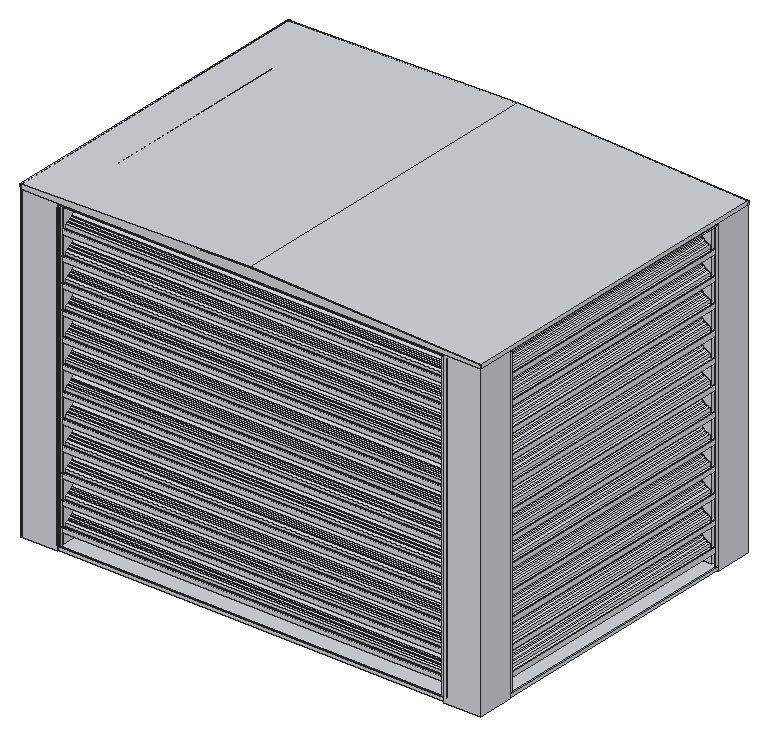
Revit family "PFL-D-6.1", category Mechanical Equipment, Revit 2015
Parameters
  URL = "https://unitedenertech.com/catalog/pdf/B_3%20PFL-D-6.1.pdf"
  Type Comments = "Louvers will split to Multi Section Assemblies if Max. Sizes are Exceeded. See FL-D-6.1 Submittal for Max. Size Listings."
  Model = "PFL-D-6.1"
  Manufacturer = "United Enertech Corporation"
  Louver Height [instance] = Height  # 5' - 0"
  Louver B Width [instance] = B + 0' 3"  # 4' - 3"
  Louver A Width [instance] = A + 0' 3"  # 6' - 3"
  Keynote = "Max. Preassembled Size is 72\"w x 220\"l x 80\"h"
  Height = 5' - 0"
  Description = "6\" Deep Drainable Louvered Penthouse"
  B Roof [instance] = B Side O.D. + 0' 0 1/4"  # 5' - 3 101/128"
  B Side O.D. [instance] = Louver B Width + 1' 0 69/128"  # 5' - 3 69/128"
  B = 4' - 0"
  A Roof [instance] = A Side O.D. + 0' 0 1/4"  # 7' - 3 101/128"
  A Side O.D. [instance] = Louver A Width + 1' 0 69/128"  # 7' - 3 69/128"
  A = 6' - 0"
Reference planes (in)
  plane 1 "Center (Front/Back)": y = 0
  plane 2: z = 0
  plane 3 "Center (Left/Right)": x = 0
  plane 4: x = -43.76953
  plane 5: y = 31.76953
  plane 6: x = 43.76953
  plane 7: y = -31.76953
  plane 8: z = 18
  plane 9: z = 78.22
  plane 10: z = 18.22
  plane 11: y = 24
  plane 12: y = -24
  plane 13: x = -36
  plane 14: x = 36
  plane 15: y = 25.5
  plane 16: x = -37.5
  plane 17: y = -25.5
  plane 18: x = 37.5
Forms (in)
  Extrusion 1, solid
    sketch origin (-39.9625, -19.9659, 0) x (-1, 0, 0) y (0, -1, 0)
      loop
        line (-83.82203, 4.97273) -> (-83.73203, 4.97273) -> (-83.73203, 11.80363) -> (-76.90113, 11.80363) -> (-76.90113, 11.89363) -> (-83.82203, 11.89363) -> (-83.82203, 4.97273)
    from 18.22 to 78.22
  Extrusion 2, solid
    sketch origin (39.9625, -19.9659, 0) x (1, 0, 0) y (0, 1, 0)
      loop
        line (-83.82203, -4.97273) -> (-83.82203, -11.89363) -> (-76.90113, -11.89363) -> (-76.90113, -11.80363) -> (-83.73203, -11.80363) -> (-83.73203, -4.97273) -> (-83.82203, -4.97273)
    from 18.22 to 78.22
  Extrusion 3, solid
    sketch origin (-39.9625, 19.9659, 0) x (-1, 0, 0) y (0, -1, 0)
      loop
        line (-83.82203, -4.97273) -> (-83.82203, -11.89363) -> (-76.90113, -11.89363) -> (-76.90113, -11.80363) -> (-83.73203, -11.80363) -> (-83.73203, -4.97273) -> (-83.82203, -4.97273)
    from 18.22 to 78.22
  Extrusion 4, solid
    sketch origin (39.9625, 19.9659, 0) x (1, 0, 0) y (0, 1, 0)
      loop
        line (-83.82203, 4.97273) -> (-83.73203, 4.97273) -> (-83.73203, 11.80363) -> (-76.90113, 11.80363) -> (-76.90113, 11.89363) -> (-83.82203, 11.89363) -> (-83.82203, 4.97273)
    from 18.22 to 78.22
Dimensions and locks (in)
  equal spacing: plane 4, plane 3 "Center (Left/Right)", plane 6
  "A Side O.D.": plane 4 to plane 6
  equal spacing: plane 5, plane 1 "Center (Front/Back)", plane 7
  "B Side O.D.": plane 5 to plane 7
  locked: plane 8 to plane 10 at 0.22
  "Height": plane 10 to plane 9
  equal spacing: plane 12, plane 1 "Center (Front/Back)", plane 11
  "B": plane 12 to plane 11
  equal spacing: plane 13, plane 3 "Center (Left/Right)", plane 14
  "A": plane 13 to plane 14
  locked: plane 15 to plane 11 at 1.5
  locked: plane 17 to plane 12 at 1.5
  locked: plane 16 to plane 13 at 1.5
  locked: plane 14 to plane 18 at 1.5
  aligned and locked: level to plane 2
  aligned and locked: plane 10 to Extrusion 1
  aligned and locked: plane 9 to Extrusion 1
  aligned and locked: plane 1 "Center (Front/Back)" to nested 1
  aligned and locked: plane 3 "Center (Left/Right)" to nested 1
  aligned and locked: plane 9 to nested 1
  aligned and locked: plane 3 "Center (Left/Right)" to nested 3
  aligned and locked: plane 11 to nested 3
  aligned and locked: nested 4 to plane 12
  aligned and locked: plane 1 "Center (Front/Back)" to nested 2
  aligned and locked: plane 14 to nested 2
  aligned and locked: nested 5 to plane 13
  aligned and locked: nested 4 to plane 8
  aligned and locked: nested 5 to plane 8
  aligned and locked: plane 8 to nested 3
  aligned and locked: plane 8 to nested 2
  aligned and locked: nested 6 to plane 1 "Center (Front/Back)"
  aligned and locked: plane 18 to nested 6
  aligned and locked: plane 10 to nested 6
  aligned and locked: plane 1 "Center (Front/Back)" to nested 8
  aligned and locked: nested 8 to plane 16
  aligned and locked: nested 8 to plane 10
  aligned and locked: plane 3 "Center (Left/Right)" to nested 7
  aligned and locked: plane 10 to nested 7
  aligned and locked: plane 17 to nested 7
  aligned and locked: nested 9 to plane 3 "Center (Left/Right)"
  aligned and locked: nested 9 to plane 15
  aligned and locked: nested 9 to plane 10
  aligned and locked: plane 9 to Extrusion 2
  aligned and locked: plane 9 to Extrusion 4
  aligned and locked: plane 9 to Extrusion 3
Automatic sketch dimensions
  Extrusion 1 sketch curve to plane 6 = 0' - 0"
  Extrusion 1 sketch curve to plane 7 = 0' - 0"
  Extrusion 1 sketch curve to Extrusion 1 sketch curve = 0' - 0.09"
  plane 18 to Extrusion 1 sketch curve = 0' - 0.56137"
  plane 17 to Extrusion 1 sketch curve = 0' - 0.56137"
  Extrusion 1 sketch curve to plane 7 = 0' - 0.09"
  Extrusion 2 sketch curve to plane 4 = 0' - 0"
  Extrusion 2 sketch curve to plane 7 = 0' - 0"
  Extrusion 2 sketch curve to Extrusion 2 sketch curve = 0' - 0.09"
  Extrusion 2 sketch curve to plane 16 = 0' - 0.56137"
  Extrusion 2 sketch curve to plane 17 = 0' - 0.56137"
  plane 7 to Extrusion 2 sketch curve = 0' - 0.09"
  Extrusion 3 sketch curve to plane 5 = 0' - 0"
  Extrusion 3 sketch curve to plane 6 = 0' - 0"
  Extrusion 3 sketch curve to Extrusion 3 sketch curve = 0' - 0.09"
  Extrusion 3 sketch curve to plane 18 = 0' - 0.56137"
  Extrusion 3 sketch curve to plane 15 = 0' - 0.56137"
  Extrusion 3 sketch curve to plane 5 = 0' - 0.09"
  Extrusion 4 sketch curve to plane 4 = 0' - 0"
  Extrusion 4 sketch curve to plane 5 = 0' - 0"
  Extrusion 4 sketch curve to Extrusion 4 sketch curve = 0' - 0.09"
  plane 16 to Extrusion 4 sketch curve = 0' - 0.56137"
  plane 15 to Extrusion 4 sketch curve = 0' - 0.56137"
  plane 5 to Extrusion 4 sketch curve = 0' - 0.09"
Nested families (in)
  nested 1: "Roof" at (0, 0, 77.72), type "Roof"
    with B 5' - 3 101/128", A 7' - 3 101/128"
  nested 2: "Curb Cap Side 2" at (40.875, 0, -0.21007) x (0, -1, 0) z (0, 0, 1), type "Curb Cap Side 2"
    with Width 4' - 0"
  nested 3: "Curb Cap" at (0, 28.875, -0.21007), type "Curb Cap"
    with Width 6' - 0"
  nested 4: "Curb Cap" at (0, -28.875, -0.21007), type "Curb Cap"
    with Width 6' - 0"
  nested 5: "Curb Cap Side 2" at (-40.875, 0, -0.21007) x (0, -1, 0) z (0, 0, 1), type "Curb Cap Side 2"
    with Width 4' - 0"
  nested 6: "FL-D-6.1" at (43.76867, 0, 18.22) x (0, 1, 0) z (0, 0, 1), type "FL-D-6.1"
    with Number of Blades 12, Blade Width 4' - 1 3/16", Exact Width 4' - 3", Exact Height 5' - 0"
  nested 7: "FL-D-6.1 Side 2" at (0, -31.76867, 18.22), type "FL-D-6.1 Side 2"
    with Number of Blades 12, Blade Width 6' - 1 3/16", Exact Width 6' - 3", Exact Height 5' - 0"
  nested 8: "FL-D-6.1" at (-43.76867, 0, 18.22) x (0, 1, 0) z (0, 0, 1), type "FL-D-6.1"
    with Number of Blades 12, Blade Width 4' - 1 3/16", Exact Width 4' - 3", Exact Height 5' - 0"
  nested 9: "FL-D-6.1 Side 2" at (0, 31.76867, 18.22), type "FL-D-6.1 Side 2"
    with Number of Blades 12, Blade Width 6' - 1 3/16", Exact Width 6' - 3", Exact Height 5' - 0"
Definition of nested family "Roof"
  Parameters (values of type "Roof")
    B = 6' - 0"
    A = 7' - 0"
  Reference planes (in)
    plane 1 "Center (Front/Back)": y = 0
    plane 2: z = 0
    plane 3 "Center (Left/Right)": x = 0
    plane 4: x = -42
    plane 5: x = 42
    plane 6: y = -36
    plane 7: y = 36
    plane 8: z = 0.5
    plane 9: z = 2
    plane 10: y = -36.05
    plane 11: y = 36.05
    plane 12: x = -42.05
    plane 13: x = 42.05
  Forms (in)
    Extrusion 1, solid
      sketch origin (0, 0, 0) x (-1, 0, 0) y (0, 0, -1)
        loop
          line (42, 0) -> (42, -0.75115) -> (0, -1.94916) -> (-42, -0.75115) -> (-42, 0) -> (-42.05078, 0) -> (-42.05078, -0.79946) -> (0, -2) -> (42.05078, -0.79946) -> (42.05078, 0) -> (42, 0)
      from -36.05 to 36.05
    Extrusion 2, solid
      sketch origin (0, 0, 0) x (1, 0, 0) y (0, 0, 1)
        loop
          line (42, 0) -> (42.05078, 0) -> (42.05078, 0.79946) -> (0, 2) -> (-42.05078, 0.79946) -> (-42.05078, 0) -> (-42, 0) -> (42, 0)
      from -36.05 to -36
    Extrusion 3, solid
      sketch origin (0, 0, 0) x (1, 0, 0) y (0, 0, -1)
        loop
          line (42, 0) -> (-42, 0) -> (-42.05078, 0) -> (-42.05078, -0.79946) -> (0, -2) -> (42.05078, -0.79946) -> (42.05078, 0) -> (42, 0)
      from -36 to -36.05
  Dimensions and locks (in)
    equal spacing: plane 4, plane 3 "Center (Left/Right)", plane 5
    "A": plane 4 to plane 5
    equal spacing: plane 7, plane 1 "Center (Front/Back)", plane 6
    "B": plane 7 to plane 6
    locked: plane 8 to level at 0.5
    locked: plane 9 to plane 8 at 1.5
    locked: plane 10 to plane 6 at 0.05
    locked: plane 11 to plane 7 at 0.05
    locked: plane 12 to plane 4 at 0.05
    locked: plane 5 to plane 13 at 0.05
    aligned and locked: level to plane 2
    aligned and locked: plane 10 to Extrusion 1
    aligned and locked: Extrusion 1 to plane 11
    aligned and locked: Extrusion 2 to plane 11
    aligned and locked: Extrusion 2 to plane 7
    aligned and locked: plane 10 to Extrusion 3
    aligned and locked: plane 6 to Extrusion 3
  Automatic sketch dimensions
    Extrusion 1 sketch curve to level = 0' - 0"  (x2)
    Extrusion 1 sketch curve to plane 5 = 0' - 0"
    Extrusion 1 sketch curve to plane 3 "Center (Left/Right)" = 0' - 0"  (x2)
    Extrusion 1 sketch curve to plane 4 = 0' - 0"
    Extrusion 1 sketch curve to plane 9 = 0' - 0"
    Extrusion 1 sketch curve to plane 13 = 0' - 0.00078"
    Extrusion 1 sketch curve to plane 12 = 0' - 0.00078"
    Extrusion 1 sketch curve to Extrusion 1 sketch curve = 0' - 0.05084"
    plane 8 to Extrusion 1 sketch curve = 0' - 0.29946"  (x2)
    Extrusion 1 sketch curve to Extrusion 1 sketch curve = 0' - 0.04831"  (x2)
    Extrusion 2 sketch curve to level = 0' - 0"
    Extrusion 2 sketch curve to plane 4 = 0' - 0"
    Extrusion 2 sketch curve to plane 3 "Center (Left/Right)" = 0' - 0"
    Extrusion 2 sketch curve to plane 5 = 0' - 0"
    Extrusion 2 sketch curve to plane 9 = 0' - 0"
    Extrusion 2 sketch curve to plane 12 = 0' - 0.00078"
    Extrusion 2 sketch curve to plane 13 = 0' - 0.00078"
    plane 8 to Extrusion 2 sketch curve = 0' - 0.29946"  (x2)
    Extrusion 3 sketch curve to level = 0' - 0"
    Extrusion 3 sketch curve to plane 4 = 0' - 0"
    Extrusion 3 sketch curve to plane 3 "Center (Left/Right)" = 0' - 0"
    Extrusion 3 sketch curve to plane 5 = 0' - 0"
    Extrusion 3 sketch curve to plane 9 = 0' - 0"
    Extrusion 3 sketch curve to plane 12 = 0' - 0.00078"
    Extrusion 3 sketch curve to plane 13 = 0' - 0.00078"
    plane 8 to Extrusion 3 sketch curve = 0' - 0.29946"  (x2)
Definition of nested family "Curb Cap Side 2"
  Parameters (values of type "Curb Cap Side 2")
    Width = 5' - 0"
    C = 1' - 6"
  Reference planes (in)
    plane 1 "Center (Front/Back)": y = 0
    plane 2: z = 0
    plane 3 "Center (Left/Right)": x = 0
    plane 4: x = -30
    plane 5: x = 30
    plane 6: x = 33
    plane 7: x = -33
  Forms (in)
    Extrusion 1, solid
      sketch origin (0, -0.3745, -0.23056) x (0, 1, 0) y (0, 0, 1)
        loop
          line (-4.5005, 18.44062) -> (-4.5005, 21.44062) -> (-4.6051, 21.44062) -> (-4.6051, 18.33516) -> (-2.35597, 18.33516) -> (-2.35597, 16.33516) -> (-2.2505, 16.33516) -> (-2.2505, 18.44062) -> (-4.5005, 18.44062)
      from -33 to 33
    Extrusion 2, void
      sketch origin (0, -4.875, 0) x (1, 0, 0) y (0, 1, 0)
        loop
          line (-33, 3) -> (-33, -10.08148) -> (-19.91852, -10.08148) -> (-33, 3)
      from 0 to 87.42667
    Extrusion 3, void
      sketch origin (0, -4.875, 0) x (-1, 0, 0) y (0, -1, 0)
        loop
          line (-33, -3) -> (-19.91852, 10.08148) -> (-33, 10.08148) -> (-33, -3)
      from 0 to 87.42667
  Cuts and joins
    Extrusion 2, Extrusion 3 cuts Extrusion 1
  Dimensions and locks (in)
    equal spacing: plane 4, plane 3 "Center (Left/Right)", plane 5
    "Width": plane 4 to plane 5
    locked: plane 5 to plane 6 at 3
    locked: plane 7 to plane 4 at 3
    angle Extrusion 2 sketch curve to Extrusion 2 sketch curve = 45.00°
    angle Extrusion 3 sketch curve to Extrusion 3 sketch curve = 45.00°
    aligned and locked: level to plane 2
    aligned and locked: plane 7 to Extrusion 2 sketch curve
    aligned and locked: Extrusion 3 sketch curve to plane 6
    aligned and locked: cut or joined group of Extrusion 1, Extrusion 2, Extrusion 3 to plane 7
    aligned and locked: cut or joined group of Extrusion 1, Extrusion 2, Extrusion 3 to plane 6
  Automatic sketch dimensions
    plane 4 to Extrusion 2 sketch curve = 0' - 10.08148"
    plane 1 "Center (Front/Back)" to Extrusion 2 sketch curve = 1' - 2.95648"
    plane 5 to Extrusion 3 sketch curve = 0' - 10.08148"
    Extrusion 3 sketch curve to plane 1 "Center (Front/Back)" = 1' - 2.95648"
    plane 1 "Center (Front/Back)" to Extrusion 1 sketch curve = 0' - 4.9796"
    Extrusion 1 sketch curve to Extrusion 1 sketch curve = 0' - 0.1046"
    Extrusion 1 sketch curve to Extrusion 1 sketch curve = 0' - 2 37/256"
    Extrusion 1 sketch curve to Extrusion 1 sketch curve = 0' - 0 27/256"  (x2)
    level to Extrusion 1 sketch curve = 1' - 6.1046"
    Extrusion 1 sketch curve to Extrusion 1 sketch curve = 0' - 3"
    Extrusion 1 sketch curve to Extrusion 1 sketch curve = 0' - 2"
Definition of nested family "Curb Cap"
  Parameters (values of type "Curb Cap")
    Width = 5' - 0"
    C = 1' - 6"
  Reference planes (in)
    plane 1 "Center (Front/Back)": y = 0
    plane 2: z = 0
    plane 3 "Center (Left/Right)": x = 0
    plane 4: x = -30
    plane 5: x = 30
    plane 6: x = 33
    plane 7: x = -33
  Forms (in)
    Extrusion 1, solid
      sketch origin (0, -0.3745, -0.23056) x (0, 1, 0) y (0, 0, 1)
        loop
          line (-4.5005, 18.44062) -> (-4.5005, 21.44062) -> (-4.6051, 21.44062) -> (-4.6051, 18.33516) -> (-2.35597, 18.33516) -> (-2.35597, 16.33516) -> (-2.2505, 16.33516) -> (-2.2505, 18.44062) -> (-4.5005, 18.44062)
      from -33 to 33
    Extrusion 2, void
      sketch origin (0, -4.875, 0) x (1, 0, 0) y (0, 1, 0)
        loop
          line (-33, 3) -> (-33, -10.08148) -> (-19.91852, -10.08148) -> (-33, 3)
      from 0 to 87.42667
    Extrusion 3, void
      sketch origin (0, -4.875, 0) x (-1, 0, 0) y (0, -1, 0)
        loop
          line (-33, -3) -> (-19.91852, 10.08148) -> (-33, 10.08148) -> (-33, -3)
      from 0 to 87.42667
  Cuts and joins
    Extrusion 2, Extrusion 3 cuts Extrusion 1
  Dimensions and locks (in)
    equal spacing: plane 4, plane 3 "Center (Left/Right)", plane 5
    "Width": plane 4 to plane 5
    locked: plane 5 to plane 6 at 3
    locked: plane 7 to plane 4 at 3
    angle Extrusion 2 sketch curve to Extrusion 2 sketch curve = 45.00°
    angle Extrusion 3 sketch curve to Extrusion 3 sketch curve = 45.00°
    aligned and locked: level to plane 2
    aligned and locked: plane 7 to Extrusion 2 sketch curve
    aligned and locked: Extrusion 3 sketch curve to plane 6
    aligned and locked: cut or joined group of Extrusion 1, Extrusion 2, Extrusion 3 to plane 7
    aligned and locked: cut or joined group of Extrusion 1, Extrusion 2, Extrusion 3 to plane 6
  Automatic sketch dimensions
    plane 4 to Extrusion 2 sketch curve = 0' - 10.08148"
    plane 1 "Center (Front/Back)" to Extrusion 2 sketch curve = 1' - 2.95648"
    plane 5 to Extrusion 3 sketch curve = 0' - 10.08148"
    Extrusion 3 sketch curve to plane 1 "Center (Front/Back)" = 1' - 2.95648"
    plane 1 "Center (Front/Back)" to Extrusion 1 sketch curve = 0' - 4.9796"
    Extrusion 1 sketch curve to Extrusion 1 sketch curve = 0' - 0.1046"
    Extrusion 1 sketch curve to Extrusion 1 sketch curve = 0' - 2 37/256"
    Extrusion 1 sketch curve to Extrusion 1 sketch curve = 0' - 0 27/256"  (x2)
    level to Extrusion 1 sketch curve = 1' - 6.1046"
    Extrusion 1 sketch curve to Extrusion 1 sketch curve = 0' - 3"
    Extrusion 1 sketch curve to Extrusion 1 sketch curve = 0' - 2"
Definition of nested family "FL-D-6.1"
  Parameters (values of type "FL-D-6.1")
    URL = "http://unitedenertech.com/catalog/pdf/A_3%20FL-D-6.1.pdf"
    Type Comments = "Max. Single Section Size is (120\"w  x  84\"h) or (84\"h  x  120\"w)"
    Number of Blades [instance] = rounddown((Exact Height - 0' 1 13/16") / 0' 4 41/64")  # 7
    Model = "FL-D-6.1"
    Manufacturer = "United Enertech Corporation"
    Exact Width = 3' - 0"
    Exact Height = 3' - 0"
    Description = "High Performance 6\" Fixed Louver"
    Depth = 0' - 6.26867"
    Blade Width [instance] = Exact Width - 0' 1 13/16"  # 2' - 10 3/16"
    Blade Spacing = 0' - 4.64"
  Reference planes (in)
    plane 1 "Center (Front/Back)": y = 0
    plane 2: z = 0
    plane 3 "Center (Left/Right)": x = 0
    plane 4: x = -18
    plane 5: x = 18
    plane 6: z = 36
    plane 7: z = 0.907
    plane 8: z = 35.093
    plane 9: y = 6.26867
    plane 10: x = -17.094
    plane 11: x = 17.094
  Forms (in)
    Extrusion 1, solid
      sketch origin (32.73411, 22.44798, 0) x (1, 0, 0) y (0, 1, 0)
        loop
          line (-50.60911, -16.59898) -> (-50.60911, -16.49198) -> (-49.95311, -16.49198) -> (-49.95311, -21.36398) -> (-50.66611, -21.36398) -> (-50.66611, -21.82298) -> (-50.73411, -21.82298) -> (-50.73411, -21.94798) -> (-50.66611, -21.94798) -> (-50.66611, -22.00898) -> (-50.58511, -22.00898) -> (-50.58511, -21.94798) -> (-50.49711, -21.94798) -> (-50.49711, -22.32298) -> (-50.58511, -22.32298) -> (-50.58511, -22.23198) -> (-50.66611, -22.23198) -> (-50.66611, -22.44798) -> (-49.56511, -22.44798) -> (-49.56511, -22.32298) -> (-49.82811, -22.32298) -> (-49.82811, -22.21598) -> (-49.95311, -22.21598) -> (-49.95311, -22.32298) -> (-50.37211, -22.32298) -> (-50.37211, -21.82298) -> (-50.54111, -21.82298) -> (-50.54111, -21.48898) -> (-49.82811, -21.48898) -> (-49.82811, -16.49198) -> (-49.56511, -16.49198) -> (-49.56511, -16.36698) -> (-50.73411, -16.36698) -> (-50.73411, -16.59898) -> (-50.60911, -16.59898)
      from 0.907 to 35.093
    Extrusion 2, solid
      sketch origin (-32.73411, 22.44798, 0) x (-1, 0, 0) y (0, -1, 0)
        loop
          line (-50.60911, 16.59898) -> (-50.73411, 16.59898) -> (-50.73411, 16.36698) -> (-49.56511, 16.36698) -> (-49.56511, 16.49198) -> (-49.82811, 16.49198) -> (-49.82811, 21.48898) -> (-50.54111, 21.48898) -> (-50.54111, 21.82298) -> (-50.37211, 21.82298) -> (-50.37211, 22.32298) -> (-49.95311, 22.32298) -> (-49.95311, 22.21598) -> (-49.82811, 22.21598) -> (-49.82811, 22.32298) -> (-49.56511, 22.32298) -> (-49.56511, 22.44798) -> (-50.66611, 22.44798) -> (-50.66611, 22.23198) -> (-50.58511, 22.23198) -> (-50.58511, 22.32298) -> (-50.49711, 22.32298) -> (-50.49711, 21.94798) -> (-50.58511, 21.94798) -> (-50.58511, 22.00898) -> (-50.66611, 22.00898) -> (-50.66611, 21.94798) -> (-50.73411, 21.94798) -> (-50.73411, 21.82298) -> (-50.66611, 21.82298) -> (-50.66611, 21.36398) -> (-49.95311, 21.36398) -> (-49.95311, 16.49198) -> (-50.60911, 16.49198) -> (-50.60911, 16.59898)
      from 0.907 to 35.093
    Extrusion 3, solid
      sketch origin (-10.45021, 50.73378, 8.99276) x (0, 1, 0) y (0, 0, 1)
        loop
          line (-44.46511, -5.28576) -> (-44.59011, -5.28576) -> (-44.59011, -8.08576) -> (-50.73378, -8.08576) -> (-50.73378, -8.21076) -> (-50.67111, -8.21076) -> (-50.67111, -8.92376) -> (-50.45511, -8.92376) -> (-50.45511, -8.84276) -> (-50.56811, -8.84276) -> (-50.56811, -8.75476) -> (-50.17111, -8.75476) -> (-50.17111, -8.84276) -> (-50.23211, -8.84276) -> (-50.23211, -8.92376) -> (-50.17111, -8.92376) -> (-50.17111, -8.99276) -> (-50.09011, -8.99276) -> (-50.09011, -8.62976) -> (-50.56811, -8.62976) -> (-50.56811, -8.21076) -> (-44.59011, -8.21076) -> (-44.59011, -8.86776) -> (-44.69711, -8.86776) -> (-44.69711, -8.99276) -> (-44.46511, -8.99276) -> (-44.46511, -5.28576)
      from -7.54979 to 28.45021
    Extrusion 4, solid
      sketch origin (-12.41983, 50.73378, 47.84535) x (0, 1, 0) y (0, 0, 1)
        loop
          line (-50.17111, -11.84535) -> (-50.17111, -11.91435) -> (-50.23211, -11.91435) -> (-50.23211, -11.99535) -> (-50.17111, -11.99535) -> (-50.17111, -12.08335) -> (-50.56811, -12.08335) -> (-50.56811, -11.99535) -> (-50.45511, -11.99535) -> (-50.45511, -11.91435) -> (-50.67111, -11.91435) -> (-50.67111, -12.62735) -> (-50.73378, -12.62735) -> (-50.73378, -12.75235) -> (-44.59011, -12.75235) -> (-44.59011, -13.00235) -> (-44.46511, -13.00235) -> (-44.46511, -11.84535) -> (-44.69711, -11.84535) -> (-44.69711, -11.97035) -> (-44.59011, -11.97035) -> (-44.59011, -12.62735) -> (-50.56811, -12.62735) -> (-50.56811, -12.20835) -> (-50.09011, -12.20835) -> (-50.09011, -11.84535) -> (-50.17111, -11.84535)
      from -5.58017 to 30.41983
  Dimensions and locks (in)
    equal spacing: plane 4, plane 3 "Center (Left/Right)", plane 5
    "Exact Width": plane 4 to plane 5
    "Exact Height": plane 6 to level
    locked: plane 7 to level at 0.907
    locked: plane 6 to plane 8 at 0.907
    "Depth": plane 1 "Center (Front/Back)" to plane 9
    locked: plane 4 to plane 10 at 0.906
    locked: plane 11 to plane 5 at 0.906
    equal spacing: group 1, group 2, group 3, group 4, group 5, group 6, group 7  (x2)
    equal spacing: group 7, group 6, group 5, group 4, group 3, group 2, group 1
    "Blade Spacing": nested 2 to nested 1
    aligned and locked: level to plane 2
    aligned and locked: Extrusion 1 to plane 4
    aligned and locked: plane 5 to Extrusion 2
    aligned and locked: Extrusion 3 to level
    aligned and locked: level to Extrusion 3
    aligned and locked: Extrusion 1 to Extrusion 3
    aligned and locked: Extrusion 2 to Extrusion 1
    aligned and locked: Extrusion 3 to plane 4
    aligned and locked: plane 5 to Extrusion 3
    aligned and locked: plane 6 to Extrusion 4  (x2)
    aligned and locked: plane 8 to Extrusion 1
    aligned and locked: plane 8 to Extrusion 2
    aligned and locked: Extrusion 4 to plane 4
    aligned and locked: plane 5 to Extrusion 4
    aligned and locked: plane 3 "Center (Left/Right)" to nested 1
    aligned and locked: Extrusion 1 to Extrusion 4
    aligned and locked: Extrusion 2 to Extrusion 4
    aligned and locked: nested 1 to Extrusion 4  (x2)
    aligned and locked: Extrusion 4 to Extrusion 1
    aligned and locked: nested 2 to nested 1
  Automatic sketch dimensions
    Extrusion 1 sketch curve to plane 4 = 0' - 0"  (x2)
    plane 4 to Extrusion 1 sketch curve = 0' - 0.068"  (x3)
    plane 4 to Extrusion 1 sketch curve = 0' - 0 1/8"
    Extrusion 1 sketch curve to Extrusion 1 sketch curve = 0' - 0.081"  (x2)
    Extrusion 1 sketch curve to Extrusion 1 sketch curve = 0' - 0 1/8"  (x9)
    Extrusion 1 sketch curve to Extrusion 1 sketch curve = 0' - 0.088"
    Extrusion 1 sketch curve to Extrusion 1 sketch curve = 0' - 0.419"
    Extrusion 1 sketch curve to Extrusion 1 sketch curve = 0' - 0.588"
    Extrusion 1 sketch curve to Extrusion 1 sketch curve = 0' - 0.263"  (x2)
    plane 1 "Center (Front/Back)" to Extrusion 1 sketch curve = 0' - 0"
    Extrusion 1 sketch curve to Extrusion 1 sketch curve = 0' - 0"  (x3)
    Extrusion 1 sketch curve to Extrusion 1 sketch curve = 0' - 0.091"
    Extrusion 1 sketch curve to Extrusion 1 sketch curve = 0' - 0.107"  (x2)
    Extrusion 1 sketch curve to Extrusion 1 sketch curve = 0' - 0.223"
    Extrusion 1 sketch curve to Extrusion 1 sketch curve = 0' - 0.061"  (x2)
    Extrusion 1 sketch curve to Extrusion 1 sketch curve = 0' - 0.334"
    Extrusion 1 sketch curve to Extrusion 1 sketch curve = 0' - 4.765"
    Extrusion 2 sketch curve to plane 5 = 0' - 0"  (x2)
    plane 5 to Extrusion 2 sketch curve = 0' - 0.068"  (x3)
    plane 5 to Extrusion 2 sketch curve = 0' - 0 1/8"
    Extrusion 2 sketch curve to Extrusion 2 sketch curve = 0' - 0.081"  (x2)
    Extrusion 2 sketch curve to Extrusion 2 sketch curve = 0' - 0 1/8"  (x9)
    Extrusion 2 sketch curve to Extrusion 2 sketch curve = 0' - 0.088"
    Extrusion 2 sketch curve to Extrusion 2 sketch curve = 0' - 0.419"
    Extrusion 2 sketch curve to Extrusion 2 sketch curve = 0' - 0.588"
    Extrusion 2 sketch curve to Extrusion 2 sketch curve = 0' - 0.263"  (x2)
    Extrusion 2 sketch curve to plane 1 "Center (Front/Back)" = 0' - 0"
    Extrusion 2 sketch curve to Extrusion 2 sketch curve = 0' - 0"  (x3)
    Extrusion 2 sketch curve to Extrusion 2 sketch curve = 0' - 0.091"
    Extrusion 2 sketch curve to Extrusion 2 sketch curve = 0' - 0.107"  (x2)
    Extrusion 2 sketch curve to Extrusion 2 sketch curve = 0' - 0.223"
    Extrusion 2 sketch curve to Extrusion 2 sketch curve = 0' - 0.061"  (x2)
    Extrusion 2 sketch curve to Extrusion 2 sketch curve = 0' - 0.334"
    Extrusion 2 sketch curve to Extrusion 2 sketch curve = 0' - 4.765"
    plane 1 "Center (Front/Back)" to Extrusion 3 sketch curve = 0' - 0"
    Extrusion 3 sketch curve to Extrusion 3 sketch curve = 0' - 0.06267"
    Extrusion 3 sketch curve to Extrusion 3 sketch curve = 0' - 0.103"  (x2)
    Extrusion 3 sketch curve to Extrusion 3 sketch curve = 0' - 0.113"
    Extrusion 3 sketch curve to Extrusion 3 sketch curve = 0' - 0.223"
    Extrusion 3 sketch curve to Extrusion 3 sketch curve = 0' - 0.061"  (x2)
    Extrusion 3 sketch curve to Extrusion 3 sketch curve = 0' - 0.081"  (x3)
    Extrusion 3 sketch curve to Extrusion 3 sketch curve = 0' - 5.393"
    Extrusion 3 sketch curve to Extrusion 3 sketch curve = 0' - 0.107"
    Extrusion 3 sketch curve to Extrusion 3 sketch curve = 0' - 0"  (x3)
    Extrusion 3 sketch curve to Extrusion 3 sketch curve = 0' - 0 1/8"  (x4)
    level to Extrusion 3 sketch curve = 0' - 0"
    Extrusion 3 sketch curve to Extrusion 3 sketch curve = 0' - 0.069"  (x2)
    Extrusion 3 sketch curve to Extrusion 3 sketch curve = 0' - 0.088"
    Extrusion 3 sketch curve to Extrusion 3 sketch curve = 0' - 0.419"
    Extrusion 3 sketch curve to Extrusion 3 sketch curve = 0' - 2.8"
    plane 1 "Center (Front/Back)" to Extrusion 4 sketch curve = 0' - 0"
    Extrusion 4 sketch curve to Extrusion 4 sketch curve = 0' - 0.06267"
    Extrusion 4 sketch curve to Extrusion 4 sketch curve = 0' - 0.103"  (x2)
    Extrusion 4 sketch curve to Extrusion 4 sketch curve = 0' - 0.113"
    Extrusion 4 sketch curve to Extrusion 4 sketch curve = 0' - 0.223"
    Extrusion 4 sketch curve to Extrusion 4 sketch curve = 0' - 0.061"  (x2)
    Extrusion 4 sketch curve to Extrusion 4 sketch curve = 0' - 0.081"  (x3)
    Extrusion 4 sketch curve to Extrusion 4 sketch curve = 0' - 5.393"
    Extrusion 4 sketch curve to Extrusion 4 sketch curve = 0' - 0.107"  (x2)
    Extrusion 4 sketch curve to Extrusion 4 sketch curve = 0' - 0 1/8"  (x4)
    plane 7 to Extrusion 4 sketch curve = 2' - 9.936"
    Extrusion 4 sketch curve to Extrusion 4 sketch curve = 0' - 0 1/4"
    Extrusion 4 sketch curve to Extrusion 4 sketch curve = 0' - 0"
    Extrusion 4 sketch curve to Extrusion 4 sketch curve = 0' - 0.419"
    Extrusion 4 sketch curve to Extrusion 4 sketch curve = 0' - 0.088"  (x2)
    Extrusion 4 sketch curve to Extrusion 4 sketch curve = 0' - 0.657"
    Extrusion 4 sketch curve to Extrusion 4 sketch curve = 0' - 0.069"
  Nested families (in)
    nested 1: "FL-D-6.1 Blade" at (0, -14.9157, 24.73608), type "FL-D-6.1 Blade"
      with Blade Width 2' - 10 3/16"
    nested 2: "FL-D-6.1 Blade" at (0, -14.9157, 20.09608), type "FL-D-6.1 Blade"
      with Blade Width 2' - 10 3/16"
    nested 3: "FL-D-6.1 Blade" at (0, -14.9157, 15.45608), type "FL-D-6.1 Blade"
      with Blade Width 2' - 10 3/16"
    nested 4: "FL-D-6.1 Blade" at (0, -14.9157, 10.81608), type "FL-D-6.1 Blade"
      with Blade Width 2' - 10 3/16"
    nested 5: "FL-D-6.1 Blade" at (0, -14.9157, 6.17608), type "FL-D-6.1 Blade"
      with Blade Width 2' - 10 3/16"
    nested 6: "FL-D-6.1 Blade" at (0, -14.9157, 1.53608), type "FL-D-6.1 Blade"
      with Blade Width 2' - 10 3/16"
    nested 7: "FL-D-6.1 Blade" at (0, -14.9157, -3.10392), type "FL-D-6.1 Blade"
      with Blade Width 2' - 10 3/16"
  Definition of nested family "FL-D-6.1 Blade"
    Parameters (values of type "FL-D-6.1 Blade")
      Blade Width = 3' - 0"
    Reference planes (in)
      plane 1 "Center (Front/Back)": y = 0
      plane 2: z = 0
      plane 3 "Center (Left/Right)": x = 0
      plane 4: x = -18
      plane 5: x = 18
    Forms (in)
      Extrusion 1, solid
        sketch origin (18, 54.38174, 39.01464) x (0, 1, 0) y (0, 0, -1)
          loop
            line (-39.25345, 32.46294) -> (-38.95319, 32.7632) -> (-39.01046, 32.82047) -> (-39.17245, 32.65849) -> (-39.17245, 33.38694) -> (-38.23056, 32.94673) -> (-38.23056, 32.38423) -> (-37.77738, 32.17243) -> (-37.54184, 32.05271) -> (-37.29125, 31.90257) -> (-37.06039, 31.74067) -> (-36.86062, 31.57949) -> (-36.67767, 31.41175) -> (-35.90854, 30.64262) -> (-35.14182, 30.28428) -> (-35.48393, 30.28428) -> (-35.48393, 30.20328) -> (-34.96851, 30.20328) -> (-34.02804, 29.76373) -> (-33.59104, 29.76373) -> (-33.59104, 28.74284) -> (-33.63154, 28.74284) -> (-33.63154, 28.65773) -> (-33.51004, 28.65773) -> (-33.51004, 29.84473) -> (-34.01004, 29.84473) -> (-35.86053, 30.70959) -> (-36.59539, 31.44445) -> (-36.7967, 31.63236) -> (-36.96074, 31.76773) -> (-37.10258, 31.87361) -> (-37.26289, 31.98209) -> (-37.46356, 32.10277) -> (-37.70504, 32.22792) -> (-37.84203, 32.29205) -> (-38.14956, 32.43602) -> (-38.14956, 32.99828) -> (-39.25345, 33.51421) -> (-39.25345, 32.46294)
        from 0 to 36
    Dimensions and locks (in)
      equal spacing: plane 5, plane 3 "Center (Left/Right)", plane 4
      "Blade Width": plane 5 to plane 4
      aligned and locked: level to plane 2
      aligned and locked: Extrusion 1 to plane 4
      aligned and locked: plane 5 to Extrusion 1
    Automatic sketch dimensions
      Extrusion 1 sketch curve to plane 1 "Center (Front/Back)" = 1' - 3.1283"
      Extrusion 1 sketch curve to Extrusion 1 sketch curve = 0' - 0.081"  (x5)
      Extrusion 1 sketch curve to Extrusion 1 sketch curve = 0' - 0.16198"
      Extrusion 1 sketch curve to Extrusion 1 sketch curve = 0' - 0.05728"
      Extrusion 1 sketch curve to Extrusion 1 sketch curve = 0' - 0.72263"
      Extrusion 1 sketch curve to Extrusion 1 sketch curve = 0' - 0.30753"
      Extrusion 1 sketch curve to Extrusion 1 sketch curve = 0' - 0.06465"
      Extrusion 1 sketch curve to Extrusion 1 sketch curve = 0' - 0.07234"
      Extrusion 1 sketch curve to Extrusion 1 sketch curve = 0' - 0.1632"
      Extrusion 1 sketch curve to Extrusion 1 sketch curve = 0' - 0.07828"
      Extrusion 1 sketch curve to Extrusion 1 sketch curve = 0' - 0.17231"
      Extrusion 1 sketch curve to Extrusion 1 sketch curve = 0' - 0.02836"
      Extrusion 1 sketch curve to Extrusion 1 sketch curve = 0' - 0.18866"
      Extrusion 1 sketch curve to Extrusion 1 sketch curve = 0' - 0.04219"
      Extrusion 1 sketch curve to Extrusion 1 sketch curve = 0' - 0.09965"
      Extrusion 1 sketch curve to Extrusion 1 sketch curve = 0' - 0.10012"
      Extrusion 1 sketch curve to Extrusion 1 sketch curve = 0' - 0.06392"
      Extrusion 1 sketch curve to Extrusion 1 sketch curve = 0' - 0.18296"
      Extrusion 1 sketch curve to Extrusion 1 sketch curve = 0' - 0.08228"
      Extrusion 1 sketch curve to Extrusion 1 sketch curve = 0' - 0.68685"
      Extrusion 1 sketch curve to Extrusion 1 sketch curve = 0' - 0.04801"
      Extrusion 1 sketch curve to Extrusion 1 sketch curve = 0' - 0.4246"
      Extrusion 1 sketch curve to Extrusion 1 sketch curve = 0' - 0.34211"
      Extrusion 1 sketch curve to Extrusion 1 sketch curve = 0' - 0.17331"
      Extrusion 1 sketch curve to Extrusion 1 sketch curve = 0' - 0.94048"
      Extrusion 1 sketch curve to Extrusion 1 sketch curve = 0' - 0.01799"
      Extrusion 1 sketch curve to Extrusion 1 sketch curve = 0' - 0.39649"
      Extrusion 1 sketch curve to Extrusion 1 sketch curve = 0' - 0.0405"
      level to Extrusion 1 sketch curve = 0' - 10.35692"
      Extrusion 1 sketch curve to Extrusion 1 sketch curve = 0' - 0.08511"
      Extrusion 1 sketch curve to Extrusion 1 sketch curve = 0' - 1.02089"
      Extrusion 1 sketch curve to Extrusion 1 sketch curve = 0' - 0.35855"
      Extrusion 1 sketch curve to Extrusion 1 sketch curve = 0' - 0.35834"
      Extrusion 1 sketch curve to Extrusion 1 sketch curve = 0' - 0.06697"
      Extrusion 1 sketch curve to Extrusion 1 sketch curve = 0' - 0.70216"
      Extrusion 1 sketch curve to Extrusion 1 sketch curve = 0' - 0.0327"
      Extrusion 1 sketch curve to Extrusion 1 sketch curve = 0' - 0.16774"
      Extrusion 1 sketch curve to Extrusion 1 sketch curve = 0' - 0.05287"
      Extrusion 1 sketch curve to Extrusion 1 sketch curve = 0' - 0.16119"
      Extrusion 1 sketch curve to Extrusion 1 sketch curve = 0' - 0.02706"
      Extrusion 1 sketch curve to Extrusion 1 sketch curve = 0' - 0.13294"
      Extrusion 1 sketch curve to Extrusion 1 sketch curve = 0' - 0.02896"
      Extrusion 1 sketch curve to Extrusion 1 sketch curve = 0' - 0.07952"
      Extrusion 1 sketch curve to Extrusion 1 sketch curve = 0' - 0.07062"
      Extrusion 1 sketch curve to Extrusion 1 sketch curve = 0' - 0.05006"
      Extrusion 1 sketch curve to Extrusion 1 sketch curve = 0' - 0.11972"
      Extrusion 1 sketch curve to Extrusion 1 sketch curve = 0' - 0.0555"
      Extrusion 1 sketch curve to Extrusion 1 sketch curve = 0' - 0.11963"
      Extrusion 1 sketch curve to Extrusion 1 sketch curve = 0' - 0.09218"
      Extrusion 1 sketch curve to Extrusion 1 sketch curve = 0' - 0.05179"
      Extrusion 1 sketch curve to Extrusion 1 sketch curve = 0' - 0.07871"
      Extrusion 1 sketch curve to Extrusion 1 sketch curve = 0' - 0.19555"
      Extrusion 1 sketch curve to Extrusion 1 sketch curve = 0' - 0.51071"
      Extrusion 1 sketch curve to Extrusion 1 sketch curve = 0' - 0.05155"
      Extrusion 1 sketch curve to Extrusion 1 sketch curve = 0' - 0.56647"
      Extrusion 1 sketch curve to Extrusion 1 sketch curve = 0' - 0.12727"
Definition of nested family "FL-D-6.1 Side 2"
  Parameters (values of type "FL-D-6.1 Side 2")
    URL = "http://unitedenertech.com/catalog/pdf/A_3%20FL-D-6.1.pdf"
    Type Comments = "Max. Single Section Size is (120\"w  x  84\"h) or (84\"h  x  120\"w)"
    Number of Blades [instance] = rounddown((Exact Height - 0' 1 13/16") / 0' 4 41/64")  # 7
    Model = "FL-D-6.1"
    Manufacturer = "United Enertech Corporation"
    Exact Width = 3' - 0"
    Exact Height = 3' - 0"
    Description = "High Performance 6\" Fixed Louver"
    Depth = 0' - 6.26867"
    Blade Width [instance] = Exact Width - 0' 1 13/16"  # 2' - 10 3/16"
    Blade Spacing = 0' - 4.64"
  Reference planes (in)
    plane 1 "Center (Front/Back)": y = 0
    plane 2: z = 0
    plane 3 "Center (Left/Right)": x = 0
    plane 4: x = -18
    plane 5: x = 18
    plane 6: z = 36
    plane 7: z = 0.907
    plane 8: z = 35.093
    plane 9: y = 6.26867
    plane 10: x = -17.094
    plane 11: x = 17.094
  Forms (in)
    Extrusion 1, solid
      sketch origin (32.73411, 22.44798, 0) x (1, 0, 0) y (0, 1, 0)
        loop
          line (-50.60911, -16.59898) -> (-50.60911, -16.49198) -> (-49.95311, -16.49198) -> (-49.95311, -21.36398) -> (-50.66611, -21.36398) -> (-50.66611, -21.82298) -> (-50.73411, -21.82298) -> (-50.73411, -21.94798) -> (-50.66611, -21.94798) -> (-50.66611, -22.00898) -> (-50.58511, -22.00898) -> (-50.58511, -21.94798) -> (-50.49711, -21.94798) -> (-50.49711, -22.32298) -> (-50.58511, -22.32298) -> (-50.58511, -22.23198) -> (-50.66611, -22.23198) -> (-50.66611, -22.44798) -> (-49.56511, -22.44798) -> (-49.56511, -22.32298) -> (-49.82811, -22.32298) -> (-49.82811, -22.21598) -> (-49.95311, -22.21598) -> (-49.95311, -22.32298) -> (-50.37211, -22.32298) -> (-50.37211, -21.82298) -> (-50.54111, -21.82298) -> (-50.54111, -21.48898) -> (-49.82811, -21.48898) -> (-49.82811, -16.49198) -> (-49.56511, -16.49198) -> (-49.56511, -16.36698) -> (-50.73411, -16.36698) -> (-50.73411, -16.59898) -> (-50.60911, -16.59898)
      from 0.907 to 35.093
    Extrusion 2, solid
      sketch origin (-32.73411, 22.44798, 0) x (-1, 0, 0) y (0, -1, 0)
        loop
          line (-50.60911, 16.59898) -> (-50.73411, 16.59898) -> (-50.73411, 16.36698) -> (-49.56511, 16.36698) -> (-49.56511, 16.49198) -> (-49.82811, 16.49198) -> (-49.82811, 21.48898) -> (-50.54111, 21.48898) -> (-50.54111, 21.82298) -> (-50.37211, 21.82298) -> (-50.37211, 22.32298) -> (-49.95311, 22.32298) -> (-49.95311, 22.21598) -> (-49.82811, 22.21598) -> (-49.82811, 22.32298) -> (-49.56511, 22.32298) -> (-49.56511, 22.44798) -> (-50.66611, 22.44798) -> (-50.66611, 22.23198) -> (-50.58511, 22.23198) -> (-50.58511, 22.32298) -> (-50.49711, 22.32298) -> (-50.49711, 21.94798) -> (-50.58511, 21.94798) -> (-50.58511, 22.00898) -> (-50.66611, 22.00898) -> (-50.66611, 21.94798) -> (-50.73411, 21.94798) -> (-50.73411, 21.82298) -> (-50.66611, 21.82298) -> (-50.66611, 21.36398) -> (-49.95311, 21.36398) -> (-49.95311, 16.49198) -> (-50.60911, 16.49198) -> (-50.60911, 16.59898)
      from 0.907 to 35.093
    Extrusion 3, solid
      sketch origin (-10.45021, 50.73378, 8.99276) x (0, 1, 0) y (0, 0, 1)
        loop
          line (-44.46511, -5.28576) -> (-44.59011, -5.28576) -> (-44.59011, -8.08576) -> (-50.73378, -8.08576) -> (-50.73378, -8.21076) -> (-50.67111, -8.21076) -> (-50.67111, -8.92376) -> (-50.45511, -8.92376) -> (-50.45511, -8.84276) -> (-50.56811, -8.84276) -> (-50.56811, -8.75476) -> (-50.17111, -8.75476) -> (-50.17111, -8.84276) -> (-50.23211, -8.84276) -> (-50.23211, -8.92376) -> (-50.17111, -8.92376) -> (-50.17111, -8.99276) -> (-50.09011, -8.99276) -> (-50.09011, -8.62976) -> (-50.56811, -8.62976) -> (-50.56811, -8.21076) -> (-44.59011, -8.21076) -> (-44.59011, -8.86776) -> (-44.69711, -8.86776) -> (-44.69711, -8.99276) -> (-44.46511, -8.99276) -> (-44.46511, -5.28576)
      from -7.54979 to 28.45021
    Extrusion 4, solid
      sketch origin (-12.41983, 50.73378, 47.84535) x (0, 1, 0) y (0, 0, 1)
        loop
          line (-50.17111, -11.84535) -> (-50.17111, -11.91435) -> (-50.23211, -11.91435) -> (-50.23211, -11.99535) -> (-50.17111, -11.99535) -> (-50.17111, -12.08335) -> (-50.56811, -12.08335) -> (-50.56811, -11.99535) -> (-50.45511, -11.99535) -> (-50.45511, -11.91435) -> (-50.67111, -11.91435) -> (-50.67111, -12.62735) -> (-50.73378, -12.62735) -> (-50.73378, -12.75235) -> (-44.59011, -12.75235) -> (-44.59011, -13.00235) -> (-44.46511, -13.00235) -> (-44.46511, -11.84535) -> (-44.69711, -11.84535) -> (-44.69711, -11.97035) -> (-44.59011, -11.97035) -> (-44.59011, -12.62735) -> (-50.56811, -12.62735) -> (-50.56811, -12.20835) -> (-50.09011, -12.20835) -> (-50.09011, -11.84535) -> (-50.17111, -11.84535)
      from -5.58017 to 30.41983
  Dimensions and locks (in)
    equal spacing: plane 4, plane 3 "Center (Left/Right)", plane 5
    "Exact Width": plane 4 to plane 5
    "Exact Height": plane 6 to level
    locked: plane 7 to level at 0.907
    locked: plane 6 to plane 8 at 0.907
    "Depth": plane 1 "Center (Front/Back)" to plane 9
    locked: plane 4 to plane 10 at 0.906
    locked: plane 11 to plane 5 at 0.906
    equal spacing: group 1, group 2, group 3, group 4, group 5, group 6, group 7  (x2)
    equal spacing: group 7, group 6, group 5, group 4, group 3, group 2, group 1
    "Blade Spacing": nested 2 to nested 1
    aligned and locked: level to plane 2
    aligned and locked: Extrusion 1 to plane 4
    aligned and locked: plane 5 to Extrusion 2
    aligned and locked: Extrusion 3 to level
    aligned and locked: level to Extrusion 3
    aligned and locked: Extrusion 1 to Extrusion 3
    aligned and locked: Extrusion 2 to Extrusion 1
    aligned and locked: Extrusion 3 to plane 4
    aligned and locked: plane 5 to Extrusion 3
    aligned and locked: plane 6 to Extrusion 4  (x2)
    aligned and locked: plane 8 to Extrusion 1
    aligned and locked: plane 8 to Extrusion 2
    aligned and locked: Extrusion 4 to plane 4
    aligned and locked: plane 5 to Extrusion 4
    aligned and locked: plane 3 "Center (Left/Right)" to nested 1
    aligned and locked: Extrusion 1 to Extrusion 4
    aligned and locked: Extrusion 2 to Extrusion 4
    aligned and locked: nested 1 to Extrusion 4  (x2)
    aligned and locked: Extrusion 4 to Extrusion 1
    aligned and locked: nested 2 to nested 1
  Automatic sketch dimensions
    Extrusion 1 sketch curve to plane 4 = 0' - 0"  (x2)
    plane 4 to Extrusion 1 sketch curve = 0' - 0.068"  (x3)
    plane 4 to Extrusion 1 sketch curve = 0' - 0 1/8"
    Extrusion 1 sketch curve to Extrusion 1 sketch curve = 0' - 0.081"  (x2)
    Extrusion 1 sketch curve to Extrusion 1 sketch curve = 0' - 0 1/8"  (x9)
    Extrusion 1 sketch curve to Extrusion 1 sketch curve = 0' - 0.088"
    Extrusion 1 sketch curve to Extrusion 1 sketch curve = 0' - 0.419"
    Extrusion 1 sketch curve to Extrusion 1 sketch curve = 0' - 0.588"
    Extrusion 1 sketch curve to Extrusion 1 sketch curve = 0' - 0.263"  (x2)
    plane 1 "Center (Front/Back)" to Extrusion 1 sketch curve = 0' - 0"
    Extrusion 1 sketch curve to Extrusion 1 sketch curve = 0' - 0"  (x3)
    Extrusion 1 sketch curve to Extrusion 1 sketch curve = 0' - 0.091"
    Extrusion 1 sketch curve to Extrusion 1 sketch curve = 0' - 0.107"  (x2)
    Extrusion 1 sketch curve to Extrusion 1 sketch curve = 0' - 0.223"
    Extrusion 1 sketch curve to Extrusion 1 sketch curve = 0' - 0.061"  (x2)
    Extrusion 1 sketch curve to Extrusion 1 sketch curve = 0' - 0.334"
    Extrusion 1 sketch curve to Extrusion 1 sketch curve = 0' - 4.765"
    Extrusion 2 sketch curve to plane 5 = 0' - 0"  (x2)
    plane 5 to Extrusion 2 sketch curve = 0' - 0.068"  (x3)
    plane 5 to Extrusion 2 sketch curve = 0' - 0 1/8"
    Extrusion 2 sketch curve to Extrusion 2 sketch curve = 0' - 0.081"  (x2)
    Extrusion 2 sketch curve to Extrusion 2 sketch curve = 0' - 0 1/8"  (x9)
    Extrusion 2 sketch curve to Extrusion 2 sketch curve = 0' - 0.088"
    Extrusion 2 sketch curve to Extrusion 2 sketch curve = 0' - 0.419"
    Extrusion 2 sketch curve to Extrusion 2 sketch curve = 0' - 0.588"
    Extrusion 2 sketch curve to Extrusion 2 sketch curve = 0' - 0.263"  (x2)
    Extrusion 2 sketch curve to plane 1 "Center (Front/Back)" = 0' - 0"
    Extrusion 2 sketch curve to Extrusion 2 sketch curve = 0' - 0"  (x3)
    Extrusion 2 sketch curve to Extrusion 2 sketch curve = 0' - 0.091"
    Extrusion 2 sketch curve to Extrusion 2 sketch curve = 0' - 0.107"  (x2)
    Extrusion 2 sketch curve to Extrusion 2 sketch curve = 0' - 0.223"
    Extrusion 2 sketch curve to Extrusion 2 sketch curve = 0' - 0.061"  (x2)
    Extrusion 2 sketch curve to Extrusion 2 sketch curve = 0' - 0.334"
    Extrusion 2 sketch curve to Extrusion 2 sketch curve = 0' - 4.765"
    plane 1 "Center (Front/Back)" to Extrusion 3 sketch curve = 0' - 0"
    Extrusion 3 sketch curve to Extrusion 3 sketch curve = 0' - 0.06267"
    Extrusion 3 sketch curve to Extrusion 3 sketch curve = 0' - 0.103"  (x2)
    Extrusion 3 sketch curve to Extrusion 3 sketch curve = 0' - 0.113"
    Extrusion 3 sketch curve to Extrusion 3 sketch curve = 0' - 0.223"
    Extrusion 3 sketch curve to Extrusion 3 sketch curve = 0' - 0.061"  (x2)
    Extrusion 3 sketch curve to Extrusion 3 sketch curve = 0' - 0.081"  (x3)
    Extrusion 3 sketch curve to Extrusion 3 sketch curve = 0' - 5.393"
    Extrusion 3 sketch curve to Extrusion 3 sketch curve = 0' - 0.107"
    Extrusion 3 sketch curve to Extrusion 3 sketch curve = 0' - 0"  (x3)
    Extrusion 3 sketch curve to Extrusion 3 sketch curve = 0' - 0 1/8"  (x4)
    level to Extrusion 3 sketch curve = 0' - 0"
    Extrusion 3 sketch curve to Extrusion 3 sketch curve = 0' - 0.069"  (x2)
    Extrusion 3 sketch curve to Extrusion 3 sketch curve = 0' - 0.088"
    Extrusion 3 sketch curve to Extrusion 3 sketch curve = 0' - 0.419"
    Extrusion 3 sketch curve to Extrusion 3 sketch curve = 0' - 2.8"
    plane 1 "Center (Front/Back)" to Extrusion 4 sketch curve = 0' - 0"
    Extrusion 4 sketch curve to Extrusion 4 sketch curve = 0' - 0.06267"
    Extrusion 4 sketch curve to Extrusion 4 sketch curve = 0' - 0.103"  (x2)
    Extrusion 4 sketch curve to Extrusion 4 sketch curve = 0' - 0.113"
    Extrusion 4 sketch curve to Extrusion 4 sketch curve = 0' - 0.223"
    Extrusion 4 sketch curve to Extrusion 4 sketch curve = 0' - 0.061"  (x2)
    Extrusion 4 sketch curve to Extrusion 4 sketch curve = 0' - 0.081"  (x3)
    Extrusion 4 sketch curve to Extrusion 4 sketch curve = 0' - 5.393"
    Extrusion 4 sketch curve to Extrusion 4 sketch curve = 0' - 0.107"  (x2)
    Extrusion 4 sketch curve to Extrusion 4 sketch curve = 0' - 0 1/8"  (x4)
    plane 7 to Extrusion 4 sketch curve = 2' - 9.936"
    Extrusion 4 sketch curve to Extrusion 4 sketch curve = 0' - 0 1/4"
    Extrusion 4 sketch curve to Extrusion 4 sketch curve = 0' - 0"
    Extrusion 4 sketch curve to Extrusion 4 sketch curve = 0' - 0.419"
    Extrusion 4 sketch curve to Extrusion 4 sketch curve = 0' - 0.088"  (x2)
    Extrusion 4 sketch curve to Extrusion 4 sketch curve = 0' - 0.657"
    Extrusion 4 sketch curve to Extrusion 4 sketch curve = 0' - 0.069"
  Nested families (in)
    nested 1: "FL-D-6.1 Blade" at (0, -14.9157, 24.73608), type "FL-D-6.1 Blade"
      with Blade Width 2' - 10 3/16"
    nested 2: "FL-D-6.1 Blade" at (0, -14.9157, 20.09608), type "FL-D-6.1 Blade"
      with Blade Width 2' - 10 3/16"
    nested 3: "FL-D-6.1 Blade" at (0, -14.9157, 15.45608), type "FL-D-6.1 Blade"
      with Blade Width 2' - 10 3/16"
    nested 4: "FL-D-6.1 Blade" at (0, -14.9157, 10.81608), type "FL-D-6.1 Blade"
      with Blade Width 2' - 10 3/16"
    nested 5: "FL-D-6.1 Blade" at (0, -14.9157, 6.17608), type "FL-D-6.1 Blade"
      with Blade Width 2' - 10 3/16"
    nested 6: "FL-D-6.1 Blade" at (0, -14.9157, 1.53608), type "FL-D-6.1 Blade"
      with Blade Width 2' - 10 3/16"
    nested 7: "FL-D-6.1 Blade" at (0, -14.9157, -3.10392), type "FL-D-6.1 Blade"
      with Blade Width 2' - 10 3/16"
  Definition of nested family "FL-D-6.1 Blade"
    Parameters (values of type "FL-D-6.1 Blade")
      Blade Width = 3' - 0"
    Reference planes (in)
      plane 1 "Center (Front/Back)": y = 0
      plane 2: z = 0
      plane 3 "Center (Left/Right)": x = 0
      plane 4: x = -18
      plane 5: x = 18
    Forms (in)
      Extrusion 1, solid
        sketch origin (18, 54.38174, 39.01464) x (0, 1, 0) y (0, 0, -1)
          loop
            line (-39.25345, 32.46294) -> (-38.95319, 32.7632) -> (-39.01046, 32.82047) -> (-39.17245, 32.65849) -> (-39.17245, 33.38694) -> (-38.23056, 32.94673) -> (-38.23056, 32.38423) -> (-37.77738, 32.17243) -> (-37.54184, 32.05271) -> (-37.29125, 31.90257) -> (-37.06039, 31.74067) -> (-36.86062, 31.57949) -> (-36.67767, 31.41175) -> (-35.90854, 30.64262) -> (-35.14182, 30.28428) -> (-35.48393, 30.28428) -> (-35.48393, 30.20328) -> (-34.96851, 30.20328) -> (-34.02804, 29.76373) -> (-33.59104, 29.76373) -> (-33.59104, 28.74284) -> (-33.63154, 28.74284) -> (-33.63154, 28.65773) -> (-33.51004, 28.65773) -> (-33.51004, 29.84473) -> (-34.01004, 29.84473) -> (-35.86053, 30.70959) -> (-36.59539, 31.44445) -> (-36.7967, 31.63236) -> (-36.96074, 31.76773) -> (-37.10258, 31.87361) -> (-37.26289, 31.98209) -> (-37.46356, 32.10277) -> (-37.70504, 32.22792) -> (-37.84203, 32.29205) -> (-38.14956, 32.43602) -> (-38.14956, 32.99828) -> (-39.25345, 33.51421) -> (-39.25345, 32.46294)
        from 0 to 36
    Dimensions and locks (in)
      equal spacing: plane 5, plane 3 "Center (Left/Right)", plane 4
      "Blade Width": plane 5 to plane 4
      aligned and locked: level to plane 2
      aligned and locked: Extrusion 1 to plane 4
      aligned and locked: plane 5 to Extrusion 1
    Automatic sketch dimensions
      Extrusion 1 sketch curve to plane 1 "Center (Front/Back)" = 1' - 3.1283"
      Extrusion 1 sketch curve to Extrusion 1 sketch curve = 0' - 0.081"  (x5)
      Extrusion 1 sketch curve to Extrusion 1 sketch curve = 0' - 0.16198"
      Extrusion 1 sketch curve to Extrusion 1 sketch curve = 0' - 0.05728"
      Extrusion 1 sketch curve to Extrusion 1 sketch curve = 0' - 0.72263"
      Extrusion 1 sketch curve to Extrusion 1 sketch curve = 0' - 0.30753"
      Extrusion 1 sketch curve to Extrusion 1 sketch curve = 0' - 0.06465"
      Extrusion 1 sketch curve to Extrusion 1 sketch curve = 0' - 0.07234"
      Extrusion 1 sketch curve to Extrusion 1 sketch curve = 0' - 0.1632"
      Extrusion 1 sketch curve to Extrusion 1 sketch curve = 0' - 0.07828"
      Extrusion 1 sketch curve to Extrusion 1 sketch curve = 0' - 0.17231"
      Extrusion 1 sketch curve to Extrusion 1 sketch curve = 0' - 0.02836"
      Extrusion 1 sketch curve to Extrusion 1 sketch curve = 0' - 0.18866"
      Extrusion 1 sketch curve to Extrusion 1 sketch curve = 0' - 0.04219"
      Extrusion 1 sketch curve to Extrusion 1 sketch curve = 0' - 0.09965"
      Extrusion 1 sketch curve to Extrusion 1 sketch curve = 0' - 0.10012"
      Extrusion 1 sketch curve to Extrusion 1 sketch curve = 0' - 0.06392"
      Extrusion 1 sketch curve to Extrusion 1 sketch curve = 0' - 0.18296"
      Extrusion 1 sketch curve to Extrusion 1 sketch curve = 0' - 0.08228"
      Extrusion 1 sketch curve to Extrusion 1 sketch curve = 0' - 0.68685"
      Extrusion 1 sketch curve to Extrusion 1 sketch curve = 0' - 0.04801"
      Extrusion 1 sketch curve to Extrusion 1 sketch curve = 0' - 0.4246"
      Extrusion 1 sketch curve to Extrusion 1 sketch curve = 0' - 0.34211"
      Extrusion 1 sketch curve to Extrusion 1 sketch curve = 0' - 0.17331"
      Extrusion 1 sketch curve to Extrusion 1 sketch curve = 0' - 0.94048"
      Extrusion 1 sketch curve to Extrusion 1 sketch curve = 0' - 0.01799"
      Extrusion 1 sketch curve to Extrusion 1 sketch curve = 0' - 0.39649"
      Extrusion 1 sketch curve to Extrusion 1 sketch curve = 0' - 0.0405"
      level to Extrusion 1 sketch curve = 0' - 10.35692"
      Extrusion 1 sketch curve to Extrusion 1 sketch curve = 0' - 0.08511"
      Extrusion 1 sketch curve to Extrusion 1 sketch curve = 0' - 1.02089"
      Extrusion 1 sketch curve to Extrusion 1 sketch curve = 0' - 0.35855"
      Extrusion 1 sketch curve to Extrusion 1 sketch curve = 0' - 0.35834"
      Extrusion 1 sketch curve to Extrusion 1 sketch curve = 0' - 0.06697"
      Extrusion 1 sketch curve to Extrusion 1 sketch curve = 0' - 0.70216"
      Extrusion 1 sketch curve to Extrusion 1 sketch curve = 0' - 0.0327"
      Extrusion 1 sketch curve to Extrusion 1 sketch curve = 0' - 0.16774"
      Extrusion 1 sketch curve to Extrusion 1 sketch curve = 0' - 0.05287"
      Extrusion 1 sketch curve to Extrusion 1 sketch curve = 0' - 0.16119"
      Extrusion 1 sketch curve to Extrusion 1 sketch curve = 0' - 0.02706"
      Extrusion 1 sketch curve to Extrusion 1 sketch curve = 0' - 0.13294"
      Extrusion 1 sketch curve to Extrusion 1 sketch curve = 0' - 0.02896"
      Extrusion 1 sketch curve to Extrusion 1 sketch curve = 0' - 0.07952"
      Extrusion 1 sketch curve to Extrusion 1 sketch curve = 0' - 0.07062"
      Extrusion 1 sketch curve to Extrusion 1 sketch curve = 0' - 0.05006"
      Extrusion 1 sketch curve to Extrusion 1 sketch curve = 0' - 0.11972"
      Extrusion 1 sketch curve to Extrusion 1 sketch curve = 0' - 0.0555"
      Extrusion 1 sketch curve to Extrusion 1 sketch curve = 0' - 0.11963"
      Extrusion 1 sketch curve to Extrusion 1 sketch curve = 0' - 0.09218"
      Extrusion 1 sketch curve to Extrusion 1 sketch curve = 0' - 0.05179"
      Extrusion 1 sketch curve to Extrusion 1 sketch curve = 0' - 0.07871"
      Extrusion 1 sketch curve to Extrusion 1 sketch curve = 0' - 0.19555"
      Extrusion 1 sketch curve to Extrusion 1 sketch curve = 0' - 0.51071"
      Extrusion 1 sketch curve to Extrusion 1 sketch curve = 0' - 0.05155"
      Extrusion 1 sketch curve to Extrusion 1 sketch curve = 0' - 0.56647"
      Extrusion 1 sketch curve to Extrusion 1 sketch curve = 0' - 0.12727"
